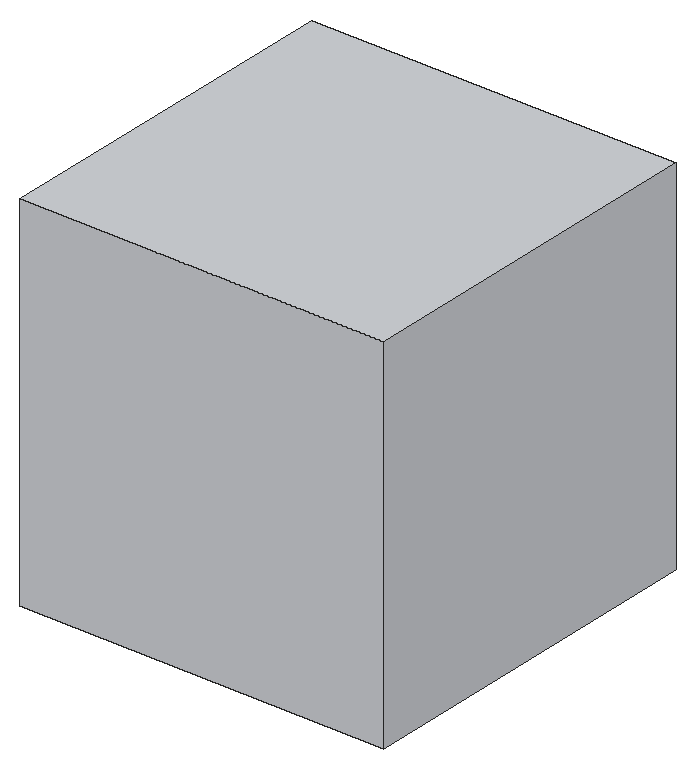
Revit family "Pipe Point", category Generic Models, Revit 2021
Family settings
  Can host rebar = No
  Round Connector Dimension = Use Diameter
  Part Type = Normal
  Work Plane-Based = No
  Always vertical = Yes
  Cut with Voids When Loaded = No
  Shared = No
  Room Calculation Point = No
Parameters (values of type "Pipe Pt")
  GTP_PointRole_0 [instance] = ""
  GTP_PointNumber_0 [instance] = ""
  GTP_PointElement_0 [instance] = ""
  GTP_LinkedParam_0 [instance] = "GTP_PointNumber_0"
  Default Elevation = 0' - 0"
Reference planes (in)
  plane 1 "Center (Front/Back)": y = 0
  plane 2: z = 0
  plane 3 "Center (Left/Right)": x = 0
Lines and regions (in)
  model lines
    curve 1: circle (0, 0, 0) r 1 normal (0, 0, 1)
    curve 2: line (-0.70711, 0.70711, 0) -> (0.70711, -0.70711, 0)
    curve 3: line (0.70711, 0.70711, 0) -> (-0.70711, -0.70711, 0)
Dimensions and locks (in)
  aligned and locked: plane 2 to level
Nested families (in)
  nested 1: "GTP" at (0, 0, 0), PointNumber <- "GTP_PointNumber_0", PointRole <- "GTP_PointRole_0", PointElement <- "GTP_PointElement_0", LinkedParam <- "GTP_LinkedParam_0", type "Generic Pt"
    with PointType "Generic Pt", PointRole "", PointNumber "", PointNote "", PointElement "", PointDeviationZ 0' - 0", PointDeviationY 0' - 0", PointDeviationX 0' - 0", PointDeviation 0' - 0", PointDescription "", LinkedParam "GTP_PointNumber_0"
Definition of nested family "GTP"
  Parameters (values of type "Control Pt")
    URL = ""
    PointType [instance] = ""
    PointRole [instance] = "Control Point"
    PointNumber [instance] = ""
    PointNote [instance] = ""
    PointElement [instance] = ""
    PointDeviationZ [instance] = 0' - 0"
    PointDeviationY [instance] = 0' - 0"
    PointDeviationX [instance] = 0' - 0"
    PointDeviation [instance] = 0' - 0"
    PointDescription [instance] = "Control Pt"
    Manufacturer = "Autodesk Inc."
    LinkedParam [instance] = ""
    Default Elevation = 0' - 0"
  Types (9): name | PointRole | PointDescription
    (no name) | "Control Point" | "Control Pt"
    Generic Pt | "Stake Out" | "Generic Pt"
    Wall Pt | "Stake Out" | "Wall Pt"
    Duct Pt | "Stake Out" | "Duct Pt"
    Sleeve Pt | "Stake Out" | "Sleeve Pt"
    Pipe Pt | "Stake Out" | "Pipe Pt"
    Electrical Pt | "Stake Out" | "Electrical Pt"
    Control Pt | "Control Point" | "Control Pt"
    Door Pt | "Stake Out" | "Door Pt"
  Reference planes (in)
    plane 1 "Center (Front/Back)": y = 0
    plane 2: z = 0
    plane 3 "Center (Left/Right)": x = 0
  Forms (in)
    Extrusion 1, solid, detail levels medium+fine
      sketch origin (0, 0, 0) x (1, 0, 0) y (0, 1, 0)
        loop
          line (0.5, -0.5) -> (0.5, 0.5) -> (-0.5, 0.5) -> (-0.5, -0.5) -> (0.5, -0.5)
      from -0.5 to 0.5
  Lines and regions (in)
    model lines, detail levels coarse+medium
      curve 1: line (0, 0.5, 0) -> (0, 0, 0)
      curve 2: line (-0.5, 0, 0) -> (0, 0, 0)
      curve 3: line (0, 0, -0.5) -> (0, 0, 0)
      curve 4: line (0, 0, 0) -> (0.5, 0, 0)
      curve 5: line (0, 0, 0) -> (0, -0.5, 0)
      curve 6: line (0, 0, 0) -> (0, 0, 0.5)
